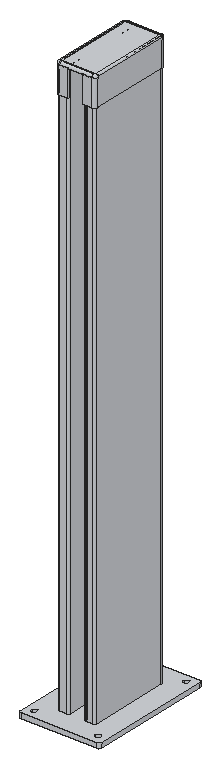
Revit family "Midtstolpe bunnplate", category Balusters, Revit 2019
Family settings
  OmniClass Number = 23.30.80.11.11.14
  OmniClass Title = Posts, Newel Posts, Pickets
  Always vertical = Yes
  Cut with Voids When Loaded = No
  Shared = No
Parameters
  built-in parameter 1008623 [instance] = (empty or 0)
  built-in parameter 1008625 [instance] = (empty or 0)
  Post = no
  Material = none
  built-in parameter 1008624 [instance] = (empty or 0)
  built-in parameter 1008622 [instance] = 750 mm
Reference planes
  plane 1 "Center (Front/Back)": y = 0
  plane 2: z = 0
  plane 3 "Center (Left/Right)": x = 0
  plane 4 "Top": z = 750
  plane 5 "Top of Post": z = 900
Forms (mm)
  Extrusion 1, solid, material <- "Material"
    sketch origin (0, 0, 0) x (1, 0, 0) y (0, 1, 0)
      loop
        line (-32, 69) -> (-32, -69)
        arc (-32, -69) -> (-30.975, -71.475) -> (-28.5, -72.5) r 3.5
        line (-28.5, -72.5) -> (-16.5, -72.5)
        arc (-16.5, -72.5) -> (-14.025, -71.475) -> (-13, -69) r 3.5
        line (-13, -69) -> (-13, -37)
        arc (-13, -37) -> (-12.561, -35.939) -> (-11.5, -35.5) r 1.5
        line (-11.5, -35.5) -> (11.5, -35.5)
        arc (11.5, -35.5) -> (12.561, -35.939) -> (13, -37) r 1.5
        line (13, -37) -> (13, -69)
        arc (13, -69) -> (14.025, -71.475) -> (16.5, -72.5) r 3.5
        line (16.5, -72.5) -> (28.5, -72.5)
        arc (28.5, -72.5) -> (30.975, -71.475) -> (32, -69) r 3.5
        line (32, -69) -> (32, 69)
        arc (32, 69) -> (30.975, 71.475) -> (28.5, 72.5) r 3.5
        line (28.5, 72.5) -> (16.5, 72.5)
        arc (16.5, 72.5) -> (14.025, 71.475) -> (13, 69) r 3.5
        line (13, 69) -> (13, 37)
        arc (13, 37) -> (12.561, 35.939) -> (11.5, 35.5) r 1.5
        line (11.5, 35.5) -> (-11.5, 35.5)
        arc (-11.5, 35.5) -> (-12.561, 35.939) -> (-13, 37) r 1.5
        line (-13, 37) -> (-13, 69)
        arc (-13, 69) -> (-14.025, 71.475) -> (-16.5, 72.5) r 3.5
        line (-16.5, 72.5) -> (-28.5, 72.5)
        arc (-28.5, 72.5) -> (-30.975, 71.475) -> (-32, 69) r 3.5
      loop
        arc (-30, -69) -> (-29.561, -70.061) -> (-28.5, -70.5) r 1.5
        line (-28.5, -70.5) -> (-16.5, -70.5)
        arc (-16.5, -70.5) -> (-15.439, -70.061) -> (-15, -69) r 1.5
        line (-15, -69) -> (-15, -37)
        arc (-15, -37) -> (-13.975, -34.525) -> (-11.5, -33.5) r 3.5
        line (-11.5, -33.5) -> (11.5, -33.5)
        arc (11.5, -33.5) -> (13.975, -34.525) -> (15, -37) r 3.5
        line (15, -37) -> (15, -69)
        arc (15, -69) -> (15.439, -70.061) -> (16.5, -70.5) r 1.5
        line (16.5, -70.5) -> (28.5, -70.5)
        arc (28.5, -70.5) -> (29.561, -70.061) -> (30, -69) r 1.5
        line (30, -69) -> (30, 69)
        arc (30, 69) -> (29.561, 70.061) -> (28.5, 70.5) r 1.5
        line (28.5, 70.5) -> (16.5, 70.5)
        arc (16.5, 70.5) -> (15.439, 70.061) -> (15, 69) r 1.5
        line (15, 69) -> (15, 37)
        arc (15, 37) -> (13.975, 34.525) -> (11.5, 33.5) r 3.5
        line (11.5, 33.5) -> (-11.5, 33.5)
        arc (-11.5, 33.5) -> (-13.975, 34.525) -> (-15, 37) r 3.5
        line (-15, 37) -> (-15, 69)
        arc (-15, 69) -> (-15.439, 70.061) -> (-16.5, 70.5) r 1.5
        line (-16.5, 70.5) -> (-28.5, 70.5)
        arc (-28.5, 70.5) -> (-29.561, 70.061) -> (-30, 69) r 1.5
        line (-30, 69) -> (-30, -69)
    from 8 to 1008
  Extrusion 2, solid, material <- "Material"
    sketch origin (0, 0, 0) x (1, 0, 0) y (0, 1, 0)
      loop
        arc (70, 105) -> (68.536, 108.536) -> (65, 110) r 5
        line (65, 110) -> (-65, 110)
        arc (-65, 110) -> (-68.536, 108.536) -> (-70, 105) r 5
        line (-70, 105) -> (-70, -105)
        arc (-70, -105) -> (-68.536, -108.536) -> (-65, -110) r 5
        line (-65, -110) -> (65, -110)
        arc (65, -110) -> (68.536, -108.536) -> (70, -105) r 5
        line (70, -105) -> (70, 105)
      loop
        circle (55, 95) r 5
      loop
        circle (-55, 95) r 5
      loop
        circle (-55, -95) r 5
      loop
        circle (55, -95) r 5
    from 0 to 8
  Extrusion 3, solid, material <- "Material"
    sketch origin (0, 0, 0) x (1, 0, 0) y (0, 1, 0)
      loop
        arc (-32, 69) -> (-30.975, 71.475) -> (-28.5, 72.5) r 3.5
        line (-28.5, 72.5) -> (-13, 72.5) -> (-13, 74.5) -> (-28.5, 74.5)
        arc (-28.5, 74.5) -> (-32.389, 72.889) -> (-34, 69) r 5.5
        line (-34, 69) -> (-34, -69)
        arc (-34, -69) -> (-32.389, -72.889) -> (-28.5, -74.5) r 5.5
        line (-28.5, -74.5) -> (-13, -74.5) -> (-13, -72.5) -> (-28.5, -72.5)
        arc (-28.5, -72.5) -> (-30.975, -71.475) -> (-32, -69) r 3.5
        line (-32, -69) -> (-32, 69)
      loop
        line (32, 69) -> (32, -69)
        arc (32, -69) -> (30.975, -71.475) -> (28.5, -72.5) r 3.5
        line (28.5, -72.5) -> (13, -72.5) -> (13, -74.5) -> (28.5, -74.5)
        arc (28.5, -74.5) -> (32.389, -72.889) -> (34, -69) r 5.5
        line (34, -69) -> (34, 69)
        arc (34, 69) -> (32.389, 72.889) -> (28.5, 74.5) r 5.5
        line (28.5, 74.5) -> (13, 74.5) -> (13, 72.5) -> (28.5, 72.5)
        arc (28.5, 72.5) -> (30.975, 71.475) -> (32, 69) r 3.5
    from 960 to 1006
  Extrusion 4, solid, material <- "Material"
    sketch origin (0, -69, 0) x (-1, 0, 0) y (0, 0, 1)
      loop
        arc (-30, 1010) -> (-32.828, 1008.828) -> (-34, 1006) r 4
        line (-34, 1006) -> (-32, 1006)
        arc (-32, 1006) -> (-31.414, 1007.414) -> (-30, 1008) r 2
        line (-30, 1008) -> (30, 1008)
        arc (30, 1008) -> (31.414, 1007.414) -> (32, 1006) r 2
        line (32, 1006) -> (34, 1006)
        arc (34, 1006) -> (32.828, 1008.828) -> (30, 1010) r 4
        line (30, 1010) -> (-30, 1010)
    from 0 to 138
  Revolve 5, solid, material <- "Material"
    sketch origin (0, -69, 0) x (-1, 0, 0) y (0, 0, 1)
      loop
        line (28.5, 1006) -> (34, 1006)
        arc (34, 1006) -> (32.828, 1008.828) -> (30, 1010) r 4
        line (30, 1010) -> (28.5, 1010) -> (28.5, 1006)
      axis (28.5, 1006) -> (28.5, 1010)
    angle from 0 to 90
  Revolve 6, solid, material <- "Material"
    sketch origin (0, -69, 0) x (1, 0, 0) y (0, 0, 1)
      loop
        line (28.5, 1006) -> (34, 1006)
        arc (34, 1006) -> (32.828, 1008.828) -> (30, 1010) r 4
        line (30, 1010) -> (28.5, 1010) -> (28.5, 1006)
      axis (28.5, 1006) -> (28.5, 1010)
    angle from 0 to 90
  Revolve 7, solid, material <- "Material"
    sketch origin (0, 69, 0) x (-1, 0, 0) y (0, 0, -1)
      loop
        line (28.5, -1006) -> (28.5, -1010) -> (30, -1010)
        arc (30, -1010) -> (32.828, -1008.828) -> (34, -1006) r 4
        line (34, -1006) -> (28.5, -1006)
      axis (28.5, -1006) -> (28.5, -1010)
    angle from 0 to 90
  Revolve 8, solid, material <- "Material"
    sketch origin (0, 69, 0) x (1, 0, 0) y (0, 0, 1)
      loop
        line (28.5, 1006) -> (34, 1006)
        arc (34, 1006) -> (32.828, 1008.828) -> (30, 1010) r 4
        line (30, 1010) -> (28.5, 1010) -> (28.5, 1006)
      axis (28.5, 1006) -> (28.5, 1010)
    angle from 0 to 90
  Extrusion 9, solid, material <- "Material"
    sketch origin (-28.5, -69, 1006) x (0, 0, 1) y (0, -1, 0)
      loop
        arc (4, 1.5) -> (2.828, 4.328) -> (0, 5.5) r 4
        line (0, 5.5) -> (0, 0) -> (4, 0) -> (4, 1.5)
    from 0 to 57
  Extrusion 10, solid, material <- "Material"
    sketch origin (-28.5, 69, 1006) x (0, 0, 1) y (0, -1, 0)
      loop
        line (4, -1.5) -> (4, 0) -> (0, 0) -> (0, -5.5)
        arc (0, -5.5) -> (2.828, -4.328) -> (4, -1.5) r 4
    from 0 to 57
  Extrusion 11, solid, material <- "Material", not visible
    sketch origin (0, 0, 0) x (1, 0, 0) y (0, 1, 0)
      loop
        arc (-32, 69) -> (-30.975, 71.475) -> (-28.5, 72.5) r 3.5
        line (-28.5, 72.5) -> (-13, 72.5) -> (-13, 74.5) -> (-28.5, 74.5)
        arc (-28.5, 74.5) -> (-32.389, 72.889) -> (-34, 69) r 5.5
        line (-34, 69) -> (-34, -69)
        arc (-34, -69) -> (-32.389, -72.889) -> (-28.5, -74.5) r 5.5
        line (-28.5, -74.5) -> (-13, -74.5) -> (-13, -72.5) -> (-28.5, -72.5)
        arc (-28.5, -72.5) -> (-30.975, -71.475) -> (-32, -69) r 3.5
        line (-32, -69) -> (-32, 69)
      loop
        line (32, 69) -> (32, -69)
        arc (32, -69) -> (30.975, -71.475) -> (28.5, -72.5) r 3.5
        line (28.5, -72.5) -> (13, -72.5) -> (13, -74.5) -> (28.5, -74.5)
        arc (28.5, -74.5) -> (32.389, -72.889) -> (34, -69) r 5.5
        line (34, -69) -> (34, 69)
        arc (34, 69) -> (32.389, 72.889) -> (28.5, 74.5) r 5.5
        line (28.5, 74.5) -> (13, 74.5) -> (13, 72.5) -> (28.5, 72.5)
        arc (28.5, 72.5) -> (30.975, 71.475) -> (32, 69) r 3.5
    from 960 to 1006
  Extrusion 12, solid, material <- "Material", not visible
    sketch origin (0, -69, 0) x (-1, 0, 0) y (0, 0, 1)
      loop
        arc (-30, 1010) -> (-32.828, 1008.828) -> (-34, 1006) r 4
        line (-34, 1006) -> (-32, 1006)
        arc (-32, 1006) -> (-31.414, 1007.414) -> (-30, 1008) r 2
        line (-30, 1008) -> (30, 1008)
        arc (30, 1008) -> (31.414, 1007.414) -> (32, 1006) r 2
        line (32, 1006) -> (34, 1006)
        arc (34, 1006) -> (32.828, 1008.828) -> (30, 1010) r 4
        line (30, 1010) -> (-30, 1010)
    from 0 to 138
  Revolve 13, solid, material <- "Material", not visible
    sketch origin (0, -69, 0) x (-1, 0, 0) y (0, 0, 1)
      loop
        line (28.5, 1006) -> (34, 1006)
        arc (34, 1006) -> (32.828, 1008.828) -> (30, 1010) r 4
        line (30, 1010) -> (28.5, 1010) -> (28.5, 1006)
      axis (28.5, 1006) -> (28.5, 1010)
    angle from 0 to 90
  Revolve 14, solid, material <- "Material", not visible
    sketch origin (0, -69, 0) x (1, 0, 0) y (0, 0, 1)
      loop
        line (28.5, 1006) -> (34, 1006)
        arc (34, 1006) -> (32.828, 1008.828) -> (30, 1010) r 4
        line (30, 1010) -> (28.5, 1010) -> (28.5, 1006)
      axis (28.5, 1006) -> (28.5, 1010)
    angle from 0 to 90
  Revolve 15, solid, material <- "Material", not visible
    sketch origin (0, 69, 0) x (-1, 0, 0) y (0, 0, -1)
      loop
        line (28.5, -1006) -> (28.5, -1010) -> (30, -1010)
        arc (30, -1010) -> (32.828, -1008.828) -> (34, -1006) r 4
        line (34, -1006) -> (28.5, -1006)
      axis (28.5, -1006) -> (28.5, -1010)
    angle from 0 to 90
  Revolve 16, solid, material <- "Material", not visible
    sketch origin (0, 69, 0) x (1, 0, 0) y (0, 0, 1)
      loop
        line (28.5, 1006) -> (34, 1006)
        arc (34, 1006) -> (32.828, 1008.828) -> (30, 1010) r 4
        line (30, 1010) -> (28.5, 1010) -> (28.5, 1006)
      axis (28.5, 1006) -> (28.5, 1010)
    angle from 0 to 90
  Extrusion 17, solid, material <- "Material", not visible
    sketch origin (-28.5, -69, 1006) x (0, 0, 1) y (0, -1, 0)
      loop
        arc (4, 1.5) -> (2.828, 4.328) -> (0, 5.5) r 4
        line (0, 5.5) -> (0, 0) -> (4, 0) -> (4, 1.5)
    from 0 to 57
  Extrusion 18, solid, material <- "Material", not visible
    sketch origin (-28.5, 69, 1006) x (0, 0, 1) y (0, -1, 0)
      loop
        line (4, -1.5) -> (4, 0) -> (0, 0) -> (0, -5.5)
        arc (0, -5.5) -> (2.828, -4.328) -> (4, -1.5) r 4
    from 0 to 57
Lines and regions (mm)
  model lines
    curve 1: line (28.5, 69, 1010) -> (28.5, -69, 1010)
    curve 2: line (-28.5, 69, 1010) -> (-28.5, -69, 1010)
  model lines, not visible
    curve 3: line (28.5, 69, 1010) -> (28.5, -69, 1010)
    curve 4: line (-28.5, 69, 1010) -> (-28.5, -69, 1010)
Text (mm)
  text "Baluster Post Elevation" at (0, 664.106, 1146.454), in view "Left"
Dimensions and locks
  "built-in parameter 1008622": plane 2 to plane 4 "Top"
  aligned and locked: plane 2 to level
  aligned and locked: Extrusion 2 to level
  aligned and locked: Extrusion 1 to Extrusion 2
  aligned and locked: Extrusion 3 to Extrusion 4
  aligned and locked: Extrusion 4 to import instance  (x2)
  aligned and locked: Extrusion 9 to Revolve 6
  aligned and locked: Revolve 5 to Extrusion 9
  aligned and locked: Revolve 8 to Extrusion 10
  aligned and locked: Revolve 7 to Extrusion 10
  aligned and locked: Extrusion 1 to Extrusion 4
Automatic sketch dimensions
  Extrusion 1 sketch curve to Extrusion 1 sketch curve = 0 mm  (x25)
  Extrusion 1 sketch curve to plane 3 "Center (Left/Right)" = 32 mm
  Extrusion 1 sketch curve to Extrusion 1 sketch curve = 2 mm
  Extrusion 1 sketch curve to Extrusion 1 sketch curve = 1.5 mm  (x9)
  Extrusion 1 sketch curve to Extrusion 1 sketch curve = 12 mm  (x4)
  Extrusion 1 sketch curve to plane 3 "Center (Left/Right)" = 15 mm
  plane 3 "Center (Left/Right)" to Extrusion 1 sketch curve = 11.5 mm  (x2)
  plane 3 "Center (Left/Right)" to Extrusion 1 sketch curve = 13 mm
  plane 1 "Center (Front/Back)" to Extrusion 1 sketch curve = 72.5 mm
  Extrusion 1 sketch curve to Extrusion 1 sketch curve = 3.5 mm
  Extrusion 1 sketch curve to Extrusion 1 sketch curve = 32 mm  (x2)
  Extrusion 1 sketch curve to plane 1 "Center (Front/Back)" = 33.5 mm
  Extrusion 2 sketch curve to plane 3 "Center (Left/Right)" = 70 mm
  Extrusion 2 sketch curve to Extrusion 2 sketch curve = 5 mm  (x3)
  Extrusion 2 sketch curve to Extrusion 2 sketch curve = 10 mm  (x7)
  plane 3 "Center (Left/Right)" to Extrusion 2 sketch curve = 55 mm  (x2)
  plane 1 "Center (Front/Back)" to Extrusion 2 sketch curve = 110 mm
  Extrusion 2 sketch curve to plane 1 "Center (Front/Back)" = 95 mm  (x2)
  Extrusion 3 sketch curve to Extrusion 3 sketch curve = 0 mm  (x17)
  Extrusion 3 sketch curve to Extrusion 3 sketch curve = 2 mm  (x2)
  Extrusion 3 sketch curve to Extrusion 3 sketch curve = 3.5 mm  (x4)
  Extrusion 3 sketch curve to Extrusion 3 sketch curve = 15.5 mm  (x4)
  Extrusion 4 sketch curve to Extrusion 4 sketch curve = 0 mm  (x7)
  Extrusion 4 sketch curve to Extrusion 4 sketch curve = 2 mm  (x3)
  Revolve 5 sketch curve to Revolve 5 sketch curve = 1.5 mm
  Revolve 5 sketch curve to Revolve 5 sketch curve = 4 mm
  Revolve 5 sketch curve to Revolve 5 sketch curve = 0 mm  (x3)
  Revolve 6 sketch curve to Revolve 6 sketch curve = 1.5 mm
  Revolve 6 sketch curve to Revolve 6 sketch curve = 4 mm
  Revolve 6 sketch curve to Revolve 6 sketch curve = 0 mm  (x3)
  Revolve 7 sketch curve to Revolve 7 sketch curve = 1.5 mm
  Revolve 7 sketch curve to Revolve 7 sketch curve = 4 mm
  Revolve 7 sketch curve to Revolve 7 sketch curve = 0 mm  (x3)
  Revolve 8 sketch curve to Revolve 8 sketch curve = 1.5 mm
  Revolve 8 sketch curve to Revolve 8 sketch curve = 4 mm
  Revolve 8 sketch curve to Revolve 8 sketch curve = 0 mm  (x3)
  Extrusion 9 sketch curve to Revolve 5 = 0 mm
  Revolve 5 to Extrusion 10 sketch curve = 0 mm  (x2)
  Extrusion 10 sketch curve to Revolve 5 = 143.5 mm
  Extrusion 10 sketch curve to Extrusion 10 sketch curve = 1.5 mm
  Extrusion 3 sketch curve to Extrusion 3 sketch curve = 26 mm
  Extrusion 3 sketch curve to Extrusion 3 sketch curve = 19 mm
  Extrusion 3 sketch curve to Extrusion 3 sketch curve = 138 mm
  Extrusion 4 sketch curve to Extrusion 4 sketch curve = 60 mm
  Extrusion 11 sketch curve to Extrusion 11 sketch curve = 0 mm  (x17)
  Extrusion 11 sketch curve to Extrusion 11 sketch curve = 2 mm  (x2)
  Extrusion 11 sketch curve to Extrusion 11 sketch curve = 3.5 mm  (x4)
  Extrusion 11 sketch curve to Extrusion 11 sketch curve = 15.5 mm  (x4)
  Extrusion 12 sketch curve to Extrusion 12 sketch curve = 0 mm  (x7)
  Extrusion 12 sketch curve to Extrusion 12 sketch curve = 2 mm  (x3)
  Revolve 13 sketch curve to Revolve 13 sketch curve = 1.5 mm
  Revolve 13 sketch curve to Revolve 13 sketch curve = 4 mm
  Revolve 13 sketch curve to Revolve 13 sketch curve = 0 mm  (x3)
  Revolve 14 sketch curve to Revolve 14 sketch curve = 1.5 mm
  Revolve 14 sketch curve to Revolve 14 sketch curve = 4 mm
  Revolve 14 sketch curve to Revolve 14 sketch curve = 0 mm  (x3)
  Revolve 15 sketch curve to Revolve 15 sketch curve = 1.5 mm
  Revolve 15 sketch curve to Revolve 15 sketch curve = 4 mm
  Revolve 15 sketch curve to Revolve 15 sketch curve = 0 mm  (x3)
  Revolve 16 sketch curve to Revolve 16 sketch curve = 1.5 mm
  Revolve 16 sketch curve to Revolve 16 sketch curve = 4 mm
  Revolve 16 sketch curve to Revolve 16 sketch curve = 0 mm  (x3)
  Extrusion 17 sketch curve to Revolve 13 = 0 mm
  Revolve 13 to Extrusion 18 sketch curve = 0 mm  (x2)
  Extrusion 18 sketch curve to Revolve 13 = 143.5 mm
  Extrusion 18 sketch curve to Extrusion 18 sketch curve = 1.5 mm
  Extrusion 11 sketch curve to Extrusion 11 sketch curve = 26 mm
  Extrusion 11 sketch curve to Extrusion 11 sketch curve = 19 mm
  Extrusion 11 sketch curve to Extrusion 11 sketch curve = 138 mm
  Extrusion 12 sketch curve to Extrusion 12 sketch curve = 60 mm
  radius of Extrusion 2 sketch curve = 5 mm  (x4)
  radius of Extrusion 9 sketch curve to Revolve 5 = 0 mm
  radius of Extrusion 17 sketch curve to Revolve 13 = 0 mm
